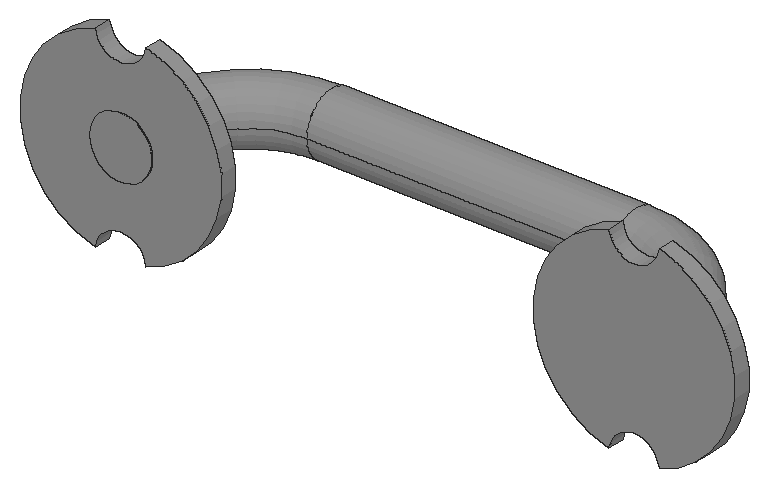
Revit family "FT 706540001_706550001_706560001_706570001_Barras De Seguridad Rectas", category Plumbing Fixtures, host Wall, Revit 2019
Family settings
  Host = Wall
  Round Connector Dimension = Use Diameter
  Part Type = Normal
  OmniClass Number = 23.19.25.13.21.17
  OmniClass Title = Fittings
  Always vertical = Yes
  Cut with Voids When Loaded = No
  Shared = No
  Room Calculation Point = No
Parameters (values of type "12"")
  URL = "https://corona.co/productos/accesorios/barra-de-seguridad-24-pulgadas/p/706560001"
  Soporte de Carga = "200 Kg."  # constant formula
  Model = "Barras de Seguridad Rectas"  # constant formula
  Material = Corona_Acero inoxidable
  Manufacturer = "Corona"  # constant formula
  Fecha de creación = "13/08/2020"  # constant formula
  Description = "Barra en acero inoxidable 304. Con tornillos de anclaje en acero inoxidable\r\npara evitar la corrosión. Con escudos protectores que cubren los tonillos.\r\nElemento de mobiliario para el apoyo, seguridad y protección de usuarios\r\nque acompaña la dirección de una circulación."  # constant formula
  Creado por = "IDD"  # constant formula
  Ancho = 304.8 mm
  Alto = 1500 mm
Types (4, lengths in mm): name | URL | Ancho
  30" | 0 | 762
  24" | 0 | 609.6
  18" | 0 | 457.2
  12" | "https://corona.co/productos/accesorios/barra-de-seguridad-24-pulgadas/p/706560001" | 304.8
Reference planes
  plane 1: y = 0
  plane 2 "Center (Left/Right)": x = 125
  plane 3 "Back": y = 75
  plane 4 "2": x = -27.4
  plane 5 "3": x = 277.4
  plane 6: z = 1500
Forms (mm)
  Extrusion 1, solid, material "Corona_Acero inoxidable" <- "Material", detail levels medium+fine
    sketch origin (0, 75, 0) x (1, 0, 0) y (0, 0, 1)
      loop
        arc (-42.282, 1558.125) -> (-87.4, 1500) -> (-42.282, 1441.875) r 60
        arc (-42.282, 1441.875) -> (-27.4, 1455) -> (-12.518, 1441.875) r 15
        arc (-12.518, 1441.875) -> (32.6, 1500) -> (-12.518, 1558.125) r 60
        arc (-12.518, 1558.125) -> (-27.4, 1545) -> (-42.282, 1558.125) r 15
      loop
        arc (262.518, 1558.125) -> (217.4, 1500) -> (262.518, 1441.875) r 60
        arc (262.518, 1441.875) -> (277.4, 1455) -> (292.282, 1441.875) r 15
        arc (292.282, 1441.875) -> (337.4, 1500) -> (292.282, 1558.125) r 60
        arc (292.282, 1558.125) -> (277.4, 1545) -> (262.518, 1558.125) r 15
    from 0 to -10
  Sweep 2, solid, material "Corona_Acero inoxidable" <- "Material", detail levels medium+fine
    path origin (0, 0, 0) x (1, 0, 0) y (0, 1, 0)
      loop
        line (-27.4, 75) -> (-27.4, 91.8)
        arc (-27.4, 91.8) -> (-9.241, 135.641) -> (34.6, 153.8) r 62
        line (34.6, 153.8) -> (215.4, 153.8)
        arc (215.4, 153.8) -> (259.241, 135.641) -> (277.4, 91.8) r 62
        line (277.4, 91.8) -> (277.4, 85)
    profile origin (-27.4, 83.4, 0) x (-1, 0, 0) y (0, 0, 1)
      loop
        circle (0, 1500) r 18.5
  Extrusion 3, solid, material "Corona_Acero inoxidable" <- "Material", detail levels coarse
    sketch origin (0, 75, 0) x (1, 0, 0) y (0, 0, 1)
      loop
        line (337.4, 1441.875) -> (337.4, 1558.125) -> (-87.4, 1558.125) -> (-87.4, 1441.875) -> (337.4, 1441.875)
    from -97.516 to 0
Text (mm)
  text "Placement side" at (-1787.139, 592.35, 0), in view "Ref. Level"
  text "Placement side" at (0, 1827.695, 2917.686), in view "Left"
  text "Placement side" at (0, 562.268, 3853.606), in view "Right"
Dimensions and locks
  locked: plane 3 "Back" to host wall at 0
  equal spacing: plane 5 "3", plane 2 "Center (Left/Right)", plane 4 "2"
  "Ancho": plane 5 "3" to plane 4 "2"
  "Alto": level to plane 6
  aligned and locked: host wall to plane 1
Automatic sketch dimensions
  Extrusion 1 sketch curve to Extrusion 1 sketch curve = 0 mm  (x4)
  Extrusion 1 sketch curve to plane 4 "2" = 0 mm  (x3)
  Extrusion 1 sketch curve to plane 5 "3" = 0 mm  (x3)
  Extrusion 1 sketch curve to plane 6 = 0 mm  (x2)
  Extrusion 1 sketch curve to Extrusion 1 sketch curve = 60 mm  (x2)
  plane 6 to Extrusion 1 sketch curve = 60 mm  (x2)
  Extrusion 1 sketch curve to plane 4 "2" = 14.882 mm  (x2)
  plane 4 "2" to Extrusion 1 sketch curve = 14.882 mm
  Extrusion 1 sketch curve to plane 5 "3" = 14.882 mm  (x2)
  plane 5 "3" to Extrusion 1 sketch curve = 14.882 mm
  Extrusion 1 sketch curve to Extrusion 1 sketch curve = 1.875 mm  (x2)
  Sweep 2 sketch curve to plane 4 "2" = 0 mm
  Sweep 2 sketch curve to plane 5 "3" = 0 mm
  plane 3 "Back" to Sweep 2 sketch curve = 0 mm
  plane 4 "2" to Sweep 2 sketch curve = 62 mm
  Sweep 2 sketch curve to Sweep 2 sketch curve = 62 mm
  Sweep 2 sketch curve to plane 3 "Back" = 16.8 mm
  Sweep 2 sketch curve to plane 3 "Back" = 10 mm
  Sweep 2 sketch curve to profile plane = 0 mm
  level to Sweep 2 sketch curve = 1500 mm
  Extrusion 3 sketch curve to plane 6 = 58.125 mm
  Extrusion 3 sketch curve to plane 4 "2" = 60 mm
  plane 5 "3" to Extrusion 3 sketch curve = 60 mm
  plane 6 to Extrusion 3 sketch curve = 58.125 mm
  radius of Sweep 2 sketch curve = 18.5 mm
